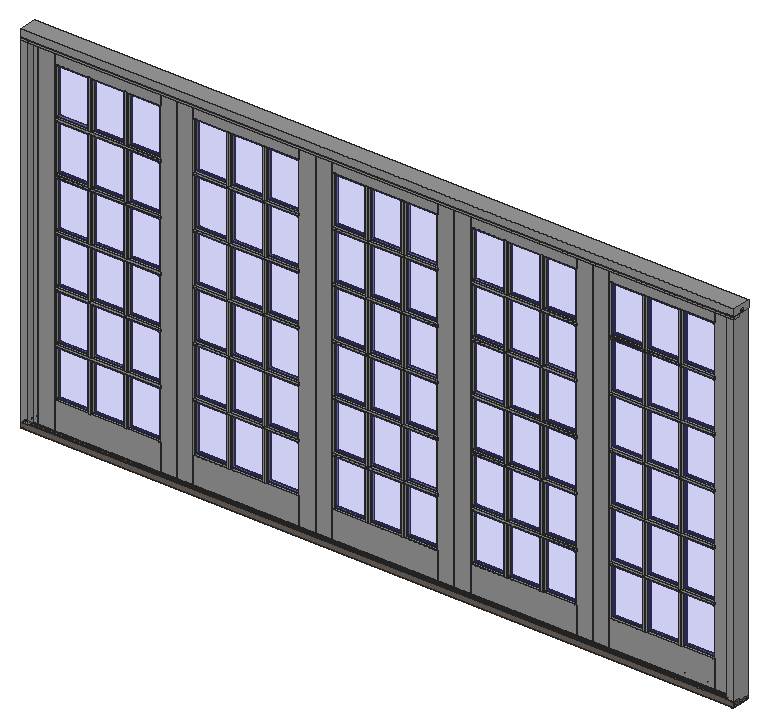
Revit family "VSFA 4190 SP LH", category Doors, host Wall, Revit 2015 (continued)
Forms (mm)
  Sweep 62, solid, material "Lauan, Meranti"
    profile origin (15.49, -75, 1959) x (0, 0, -1) y (0, -1, 0)
      loop
        line (7, -80) -> (9, -80) -> (9, -78)
  Sweep 63, solid, material "Lauan, Meranti"
    path origin (241.932, -75, 232.716) x (-1, 0, 0) y (0, 0, -1)
      loop
        line (338.612, -1726.284) -> (536.952, -1726.284) -> (536.952, -1442.272) -> (338.612, -1442.272) -> (338.612, -1726.284)
    profile origin (-195.85, -75, 1959) x (0, 0, -1) y (0, -1, 0)
      loop
        line (9, -78) -> (0, -78) -> (0, -86)
        arc (0, -86) -> (4.67, -84.366) -> (7, -80) r 6.807
        line (7, -80) -> (9, -80) -> (9, -78)
  Extrusion 64, solid, material "Lauan, Meranti"
    sketch origin (712, 0, 1187.988) x (-1, 0, 0) y (0, -1, 0)
      loop
        line (597.34, 15.5) -> (584.34, 15.5) -> (584.34, 13.5)
        arc (584.34, 13.5) -> (579.67, 11.866) -> (577.34, 7.5) r 6.807
        line (577.34, 7.5) -> (575.34, 7.5) -> (575.34, 5.5) -> (584.34, 5.5) -> (584.34, -24.5) -> (597.34, -24.5) -> (597.34, 5.5) -> (606.34, 5.5) -> (606.34, 7.5) -> (604.34, 7.5)
        arc (604.34, 7.5) -> (602.01, 11.866) -> (597.34, 13.5) r 6.807
        line (597.34, 13.5) -> (597.34, 15.5)
      loop
        line (808.68, 15.5) -> (795.68, 15.5) -> (795.68, 13.5)
        arc (795.68, 13.5) -> (791.01, 11.866) -> (788.68, 7.5) r 6.807
        line (788.68, 7.5) -> (786.68, 7.5) -> (786.68, 5.5) -> (795.68, 5.5) -> (795.68, -24.5) -> (808.68, -24.5) -> (808.68, 5.5) -> (817.68, 5.5) -> (817.68, 7.5) -> (815.68, 7.5)
        arc (815.68, 7.5) -> (813.35, 11.866) -> (808.68, 13.5) r 6.807
        line (808.68, 13.5) -> (808.68, 15.5)
    from 190 to 474
  Sweep 65, solid, material "Lauan, Meranti"
    path origin (664.612, -75, -64.284) x (-1, 0, 0) y (0, 0, -1)
      loop
        line (338.612, -1726.284) -> (536.952, -1726.284) -> (536.952, -1442.272) -> (338.612, -1442.272) -> (338.612, -1726.284)
    profile origin (226.83, -75, 1662) x (0, 0, -1) y (0, -1, 0)
      loop
        line (9, -78) -> (0, -78) -> (0, -86)
        arc (0, -86) -> (4.67, -84.366) -> (7, -80) r 6.807
        line (7, -80) -> (9, -80) -> (9, -78)
  Sweep 66, solid, material "Lauan, Meranti"
    path origin (453.272, -75, -64.284) x (-1, 0, 0) y (0, 0, -1)
      loop
        line (338.612, -1726.284) -> (536.952, -1726.284) -> (536.952, -1442.272) -> (338.612, -1442.272) -> (338.612, -1726.284)
    profile origin (15.49, -75, 1662) x (0, 0, -1) y (0, -1, 0)
      loop
        line (9, -78) -> (0, -78) -> (0, -86)
        arc (0, -86) -> (4.67, -84.366) -> (7, -80) r 6.807
        line (7, -80) -> (9, -80) -> (9, -78)
  Sweep 67, solid, material "Lauan, Meranti"
    path origin (241.932, -75, -64.284) x (-1, 0, 0) y (0, 0, -1)
      loop
        line (338.612, -1726.284) -> (536.952, -1726.284) -> (536.952, -1442.272) -> (338.612, -1442.272) -> (338.612, -1726.284)
    profile origin (-195.85, -75, 1662) x (0, 0, -1) y (0, -1, 0)
      loop
        line (9, -78) -> (0, -78) -> (0, -86)
        arc (0, -86) -> (4.67, -84.366) -> (7, -80) r 6.807
        line (7, -80) -> (9, -80) -> (9, -78)
  Extrusion 68, solid, material "Lauan, Meranti"
    sketch origin (712, 0, 890.988) x (-1, 0, 0) y (0, -1, 0)
      loop
        line (597.34, 15.5) -> (584.34, 15.5) -> (584.34, 13.5)
        arc (584.34, 13.5) -> (579.67, 11.866) -> (577.34, 7.5) r 6.807
        line (577.34, 7.5) -> (575.34, 7.5) -> (575.34, 5.5) -> (584.34, 5.5) -> (584.34, -24.5) -> (597.34, -24.5) -> (597.34, 5.5) -> (606.34, 5.5) -> (606.34, 7.5) -> (604.34, 7.5)
        arc (604.34, 7.5) -> (602.01, 11.866) -> (597.34, 13.5) r 6.807
        line (597.34, 13.5) -> (597.34, 15.5)
      loop
        line (808.68, 15.5) -> (795.68, 15.5) -> (795.68, 13.5)
        arc (795.68, 13.5) -> (791.01, 11.866) -> (788.68, 7.5) r 6.807
        line (788.68, 7.5) -> (786.68, 7.5) -> (786.68, 5.5) -> (795.68, 5.5) -> (795.68, -24.5) -> (808.68, -24.5) -> (808.68, 5.5) -> (817.68, 5.5) -> (817.68, 7.5) -> (815.68, 7.5)
        arc (815.68, 7.5) -> (813.35, 11.866) -> (808.68, 13.5) r 6.807
        line (808.68, 13.5) -> (808.68, 15.5)
    from 190 to 474
  Sweep 69, solid, material "Lauan, Meranti"
    path origin (664.612, -75, -361.284) x (-1, 0, 0) y (0, 0, -1)
      loop
        line (338.612, -1726.284) -> (536.952, -1726.284) -> (536.952, -1442.272) -> (338.612, -1442.272) -> (338.612, -1726.284)
    profile origin (226.83, -75, 1365) x (0, 0, -1) y (0, -1, 0)
      loop
        line (9, -78) -> (0, -78) -> (0, -86)
        arc (0, -86) -> (4.67, -84.366) -> (7, -80) r 6.807
        line (7, -80) -> (9, -80) -> (9, -78)
  Sweep 70, solid, material "Lauan, Meranti"
    path origin (453.272, -75, -361.284) x (-1, 0, 0) y (0, 0, -1)
      loop
        line (338.612, -1726.284) -> (536.952, -1726.284) -> (536.952, -1442.272) -> (338.612, -1442.272) -> (338.612, -1726.284)
    profile origin (15.49, -75, 1365) x (0, 0, -1) y (0, -1, 0)
      loop
        line (9, -78) -> (0, -78) -> (0, -86)
        arc (0, -86) -> (4.67, -84.366) -> (7, -80) r 6.807
        line (7, -80) -> (9, -80) -> (9, -78)
  Sweep 71, solid, material "Lauan, Meranti"
    path origin (241.932, -75, -361.284) x (-1, 0, 0) y (0, 0, -1)
      loop
        line (338.612, -1726.284) -> (536.952, -1726.284) -> (536.952, -1442.272) -> (338.612, -1442.272) -> (338.612, -1726.284)
    profile origin (-195.85, -75, 1365) x (0, 0, -1) y (0, -1, 0)
      loop
        line (9, -78) -> (0, -78) -> (0, -86)
        arc (0, -86) -> (4.67, -84.366) -> (7, -80) r 6.807
        line (7, -80) -> (9, -80) -> (9, -78)
  Extrusion 72, solid, material "Lauan, Meranti"
    sketch origin (712, 0, 593.988) x (-1, 0, 0) y (0, -1, 0)
      loop
        line (597.34, 15.5) -> (584.34, 15.5) -> (584.34, 13.5)
        arc (584.34, 13.5) -> (579.67, 11.866) -> (577.34, 7.5) r 6.807
        line (577.34, 7.5) -> (575.34, 7.5) -> (575.34, 5.5) -> (584.34, 5.5) -> (584.34, -24.5) -> (597.34, -24.5) -> (597.34, 5.5) -> (606.34, 5.5) -> (606.34, 7.5) -> (604.34, 7.5)
        arc (604.34, 7.5) -> (602.01, 11.866) -> (597.34, 13.5) r 6.807
        line (597.34, 13.5) -> (597.34, 15.5)
      loop
        line (808.68, 15.5) -> (795.68, 15.5) -> (795.68, 13.5)
        arc (795.68, 13.5) -> (791.01, 11.866) -> (788.68, 7.5) r 6.807
        line (788.68, 7.5) -> (786.68, 7.5) -> (786.68, 5.5) -> (795.68, 5.5) -> (795.68, -24.5) -> (808.68, -24.5) -> (808.68, 5.5) -> (817.68, 5.5) -> (817.68, 7.5) -> (815.68, 7.5)
        arc (815.68, 7.5) -> (813.35, 11.866) -> (808.68, 13.5) r 6.807
        line (808.68, 13.5) -> (808.68, 15.5)
    from 190 to 474
  Sweep 73, solid, material "Lauan, Meranti"
    path origin (664.612, -75, -658.284) x (-1, 0, 0) y (0, 0, -1)
      loop
        line (338.612, -1726.284) -> (536.952, -1726.284) -> (536.952, -1442.272) -> (338.612, -1442.272) -> (338.612, -1726.284)
    profile origin (226.83, -75, 1068) x (0, 0, -1) y (0, -1, 0)
      loop
        line (9, -78) -> (0, -78) -> (0, -86)
        arc (0, -86) -> (4.67, -84.366) -> (7, -80) r 6.807
        line (7, -80) -> (9, -80) -> (9, -78)
  Sweep 74, solid, material "Lauan, Meranti"
    path origin (453.272, -75, -658.284) x (-1, 0, 0) y (0, 0, -1)
      loop
        line (338.612, -1726.284) -> (536.952, -1726.284) -> (536.952, -1442.272) -> (338.612, -1442.272) -> (338.612, -1726.284)
    profile origin (15.49, -75, 1068) x (0, 0, -1) y (0, -1, 0)
      loop
        line (9, -78) -> (0, -78) -> (0, -86)
        arc (0, -86) -> (4.67, -84.366) -> (7, -80) r 6.807
        line (7, -80) -> (9, -80) -> (9, -78)
  Sweep 75, solid, material "Lauan, Meranti"
    path origin (241.932, -75, -658.284) x (-1, 0, 0) y (0, 0, -1)
      loop
        line (338.612, -1726.284) -> (536.952, -1726.284) -> (536.952, -1442.272) -> (338.612, -1442.272) -> (338.612, -1726.284)
    profile origin (-195.85, -75, 1068) x (0, 0, -1) y (0, -1, 0)
      loop
        line (9, -78) -> (0, -78) -> (0, -86)
        arc (0, -86) -> (4.67, -84.366) -> (7, -80) r 6.807
        line (7, -80) -> (9, -80) -> (9, -78)
  Extrusion 76, solid, material "Lauan, Meranti"
    sketch origin (712, 0, 296.988) x (-1, 0, 0) y (0, -1, 0)
      loop
        line (597.34, 15.5) -> (584.34, 15.5) -> (584.34, 13.5)
        arc (584.34, 13.5) -> (579.67, 11.866) -> (577.34, 7.5) r 6.807
        line (577.34, 7.5) -> (575.34, 7.5) -> (575.34, 5.5) -> (584.34, 5.5) -> (584.34, -24.5) -> (597.34, -24.5) -> (597.34, 5.5) -> (606.34, 5.5) -> (606.34, 7.5) -> (604.34, 7.5)
        arc (604.34, 7.5) -> (602.01, 11.866) -> (597.34, 13.5) r 6.807
        line (597.34, 13.5) -> (597.34, 15.5)
      loop
        line (808.68, 15.5) -> (795.68, 15.5) -> (795.68, 13.5)
        arc (795.68, 13.5) -> (791.01, 11.866) -> (788.68, 7.5) r 6.807
        line (788.68, 7.5) -> (786.68, 7.5) -> (786.68, 5.5) -> (795.68, 5.5) -> (795.68, -24.5) -> (808.68, -24.5) -> (808.68, 5.5) -> (817.68, 5.5) -> (817.68, 7.5) -> (815.68, 7.5)
        arc (815.68, 7.5) -> (813.35, 11.866) -> (808.68, 13.5) r 6.807
        line (808.68, 13.5) -> (808.68, 15.5)
    from 190 to 474
  Sweep 77, solid, material "Lauan, Meranti"
    path origin (664.612, -75, -955.284) x (-1, 0, 0) y (0, 0, -1)
      loop
        line (338.612, -1726.284) -> (536.952, -1726.284) -> (536.952, -1442.272) -> (338.612, -1442.272) -> (338.612, -1726.284)
    profile origin (226.83, -75, 771) x (0, 0, -1) y (0, -1, 0)
      loop
        line (9, -78) -> (0, -78) -> (0, -86)
        arc (0, -86) -> (4.67, -84.366) -> (7, -80) r 6.807
        line (7, -80) -> (9, -80) -> (9, -78)
  Sweep 78, solid, material "Lauan, Meranti"
    path origin (453.272, -75, -955.284) x (-1, 0, 0) y (0, 0, -1)
      loop
        line (338.612, -1726.284) -> (536.952, -1726.284) -> (536.952, -1442.272) -> (338.612, -1442.272) -> (338.612, -1726.284)
    profile origin (15.49, -75, 771) x (0, 0, -1) y (0, -1, 0)
      loop
        line (9, -78) -> (0, -78) -> (0, -86)
        arc (0, -86) -> (4.67, -84.366) -> (7, -80) r 6.807
        line (7, -80) -> (9, -80) -> (9, -78)
  Sweep 79, solid, material "Lauan, Meranti"
    path origin (241.932, -75, -955.284) x (-1, 0, 0) y (0, 0, -1)
      loop
        line (338.612, -1726.284) -> (536.952, -1726.284) -> (536.952, -1442.272) -> (338.612, -1442.272) -> (338.612, -1726.284)
    profile origin (-195.85, -75, 771) x (0, 0, -1) y (0, -1, 0)
      loop
        line (9, -78) -> (0, -78) -> (0, -86)
        arc (0, -86) -> (4.67, -84.366) -> (7, -80) r 6.807
        line (7, -80) -> (9, -80) -> (9, -78)
  Extrusion 80, solid, material "Lauan, Meranti"
    sketch origin (970.765, 0, 0) x (0, 1, 0) y (0, 0, -1)
      loop
        line (-15.5, -190) -> (-13.5, -190)
        arc (-13.5, -190) -> (-11.866, -194.67) -> (-7.5, -197) r 6.807
        line (-7.5, -197) -> (-7.5, -199) -> (-5.5, -199) -> (-5.5, -190) -> (24.5, -190) -> (24.5, -19) -> (-15.5, -19) -> (-15.5, -190)
      loop
        arc (-7.5, -1952) -> (-11.866, -1954.33) -> (-13.5, -1959) r 6.807
        line (-13.5, -1959) -> (-15.5, -1959) -> (-15.5, -2055) -> (24.5, -2055) -> (24.5, -1959) -> (-5.5, -1959) -> (-5.5, -1950) -> (-7.5, -1950) -> (-7.5, -1952)
      loop
        line (-15.5, -1675) -> (-13.5, -1675)
        arc (-13.5, -1675) -> (-11.866, -1679.67) -> (-7.5, -1682) r 6.807
        line (-7.5, -1682) -> (-7.5, -1684) -> (-5.5, -1684) -> (-5.5, -1675) -> (24.5, -1675) -> (24.5, -1662) -> (-5.5, -1662) -> (-5.5, -1653) -> (-7.5, -1653) -> (-7.5, -1655)
        arc (-7.5, -1655) -> (-11.866, -1657.33) -> (-13.5, -1662) r 6.807
        line (-13.5, -1662) -> (-15.5, -1662) -> (-15.5, -1675)
      loop
        line (-15.5, -1378) -> (-13.5, -1378)
        arc (-13.5, -1378) -> (-11.866, -1382.67) -> (-7.5, -1385) r 6.807
        line (-7.5, -1385) -> (-7.5, -1387) -> (-5.5, -1387) -> (-5.5, -1378) -> (24.5, -1378) -> (24.5, -1365) -> (-5.5, -1365) -> (-5.5, -1356) -> (-7.5, -1356) -> (-7.5, -1358)
        arc (-7.5, -1358) -> (-11.866, -1360.33) -> (-13.5, -1365) r 6.807
        line (-13.5, -1365) -> (-15.5, -1365) -> (-15.5, -1378)
      loop
        line (-15.5, -1081) -> (-13.5, -1081)
        arc (-13.5, -1081) -> (-11.866, -1085.67) -> (-7.5, -1088) r 6.807
        line (-7.5, -1088) -> (-7.5, -1090) -> (-5.5, -1090) -> (-5.5, -1081) -> (24.5, -1081) -> (24.5, -1068) -> (-5.5, -1068) -> (-5.5, -1059) -> (-7.5, -1059) -> (-7.5, -1061)
        arc (-7.5, -1061) -> (-11.866, -1063.33) -> (-13.5, -1068) r 6.807
        line (-13.5, -1068) -> (-15.5, -1068) -> (-15.5, -1081)
      loop
        line (-15.5, -784) -> (-13.5, -784)
        arc (-13.5, -784) -> (-11.866, -788.67) -> (-7.5, -791) r 6.807
        line (-7.5, -791) -> (-7.5, -793) -> (-5.5, -793) -> (-5.5, -784) -> (24.5, -784) -> (24.5, -771) -> (-5.5, -771) -> (-5.5, -762) -> (-7.5, -762) -> (-7.5, -764)
        arc (-7.5, -764) -> (-11.866, -766.33) -> (-13.5, -771) r 6.807
        line (-13.5, -771) -> (-15.5, -771) -> (-15.5, -784)
      loop
        line (-15.5, -487) -> (-13.5, -487)
        arc (-13.5, -487) -> (-11.866, -491.67) -> (-7.5, -494) r 6.807
        line (-7.5, -494) -> (-7.5, -496) -> (-5.5, -496) -> (-5.5, -487) -> (24.5, -487) -> (24.5, -474) -> (-5.5, -474) -> (-5.5, -465) -> (-7.5, -465) -> (-7.5, -467)
        arc (-7.5, -467) -> (-11.866, -469.33) -> (-13.5, -474) r 6.807
        line (-13.5, -474) -> (-15.5, -474) -> (-15.5, -487)
    from -169.235 to 451.765
  Extrusion 81, solid, material "Glass"
    sketch origin (994.192, -110.55, -763.769) x (-1, 0, 0) y (0, 0, -1)
      loop
        line (-145.808, -2722.769) -> (52.532, -2722.769) -> (52.532, -2438.757) -> (-145.808, -2438.757) -> (-145.808, -2722.769)
      loop
        line (65.532, -2722.769) -> (263.872, -2722.769) -> (263.872, -2438.757) -> (65.532, -2438.757) -> (65.532, -2722.769)
      loop
        line (276.872, -2722.769) -> (475.212, -2722.769) -> (475.212, -2438.757) -> (276.872, -2438.757) -> (276.872, -2722.769)
      loop
        line (-145.808, -2425.769) -> (52.532, -2425.769) -> (52.532, -2141.757) -> (-145.808, -2141.757) -> (-145.808, -2425.769)
      loop
        line (65.532, -2425.769) -> (263.872, -2425.769) -> (263.872, -2141.757) -> (65.532, -2141.757) -> (65.532, -2425.769)
      loop
        line (276.872, -2425.769) -> (475.212, -2425.769) -> (475.212, -2141.757) -> (276.872, -2141.757) -> (276.872, -2425.769)
      loop
        line (-145.808, -2128.769) -> (52.532, -2128.769) -> (52.532, -1844.757) -> (-145.808, -1844.757) -> (-145.808, -2128.769)
      loop
        line (65.532, -2128.769) -> (263.872, -2128.769) -> (263.872, -1844.757) -> (65.532, -1844.757) -> (65.532, -2128.769)
      loop
        line (276.872, -2128.769) -> (475.212, -2128.769) -> (475.212, -1844.757) -> (276.872, -1844.757) -> (276.872, -2128.769)
      loop
        line (-145.808, -1831.769) -> (52.532, -1831.769) -> (52.532, -1547.757) -> (-145.808, -1547.757) -> (-145.808, -1831.769)
      loop
        line (65.532, -1831.769) -> (263.872, -1831.769) -> (263.872, -1547.757) -> (65.532, -1547.757) -> (65.532, -1831.769)
      loop
        line (276.872, -1831.769) -> (475.212, -1831.769) -> (475.212, -1547.757) -> (276.872, -1547.757) -> (276.872, -1831.769)
      loop
        line (-145.808, -1534.769) -> (52.532, -1534.769) -> (52.532, -1250.757) -> (-145.808, -1250.757) -> (-145.808, -1534.769)
      loop
        line (65.532, -1534.769) -> (263.872, -1534.769) -> (263.872, -1250.757) -> (65.532, -1250.757) -> (65.532, -1534.769)
      loop
        line (276.872, -1534.769) -> (475.212, -1534.769) -> (475.212, -1250.757) -> (276.872, -1250.757) -> (276.872, -1534.769)
      loop
        line (-145.808, -1237.769) -> (52.532, -1237.769) -> (52.532, -953.757) -> (-145.808, -953.757) -> (-145.808, -1237.769)
      loop
        line (65.532, -1237.769) -> (263.872, -1237.769) -> (263.872, -953.757) -> (65.532, -953.757) -> (65.532, -1237.769)
      loop
        line (276.872, -1237.769) -> (475.212, -1237.769) -> (475.212, -953.757) -> (276.872, -953.757) -> (276.872, -1237.769)
    from -112.5 to -106.1
  Extrusion 82, solid, material "Lauan, Meranti"
    sketch origin (1526, 0, 1484.988) x (-1, 0, 0) y (0, -1, 0)
      loop
        line (597.34, 15.5) -> (584.34, 15.5) -> (584.34, 13.5)
        arc (584.34, 13.5) -> (579.67, 11.866) -> (577.34, 7.5) r 6.807
        line (577.34, 7.5) -> (575.34, 7.5) -> (575.34, 5.5) -> (584.34, 5.5) -> (584.34, -24.5) -> (597.34, -24.5) -> (597.34, 5.5) -> (606.34, 5.5) -> (606.34, 7.5) -> (604.34, 7.5)
        arc (604.34, 7.5) -> (602.01, 11.866) -> (597.34, 13.5) r 6.807
        line (597.34, 13.5) -> (597.34, 15.5)
      loop
        line (808.68, 15.5) -> (795.68, 15.5) -> (795.68, 13.5)
        arc (795.68, 13.5) -> (791.01, 11.866) -> (788.68, 7.5) r 6.807
        line (788.68, 7.5) -> (786.68, 7.5) -> (786.68, 5.5) -> (795.68, 5.5) -> (795.68, -24.5) -> (808.68, -24.5) -> (808.68, 5.5) -> (817.68, 5.5) -> (817.68, 7.5) -> (815.68, 7.5)
        arc (815.68, 7.5) -> (813.35, 11.866) -> (808.68, 13.5) r 6.807
        line (808.68, 13.5) -> (808.68, 15.5)
    from 190 to 474
  Sweep 83, solid, material "Lauan, Meranti"
    path origin (1478.612, -75, 232.716) x (-1, 0, 0) y (0, 0, -1)
      loop
        line (338.612, -1726.284) -> (536.952, -1726.284) -> (536.952, -1442.272) -> (338.612, -1442.272) -> (338.612, -1726.284)
    profile origin (1040.83, -75, 1959) x (0, 0, -1) y (0, -1, 0)
      loop
        line (9, -78) -> (0, -78) -> (0, -86)
        arc (0, -86) -> (4.67, -84.366) -> (7, -80) r 6.807
        line (7, -80) -> (9, -80) -> (9, -78)
  Sweep 84, solid, material "Lauan, Meranti"
    path origin (1267.272, -75, 232.716) x (-1, 0, 0) y (0, 0, -1)
      loop
        line (338.612, -1726.284) -> (536.952, -1726.284) -> (536.952, -1442.272) -> (338.612, -1442.272) -> (338.612, -1726.284)
    profile origin (829.49, -75, 1959) x (0, 0, -1) y (0, -1, 0)
      loop
        line (9, -78) -> (0, -78) -> (0, -86)
        arc (0, -86) -> (4.67, -84.366) -> (7, -80) r 6.807
        line (7, -80) -> (9, -80) -> (9, -78)
  Sweep 85, solid, material "Lauan, Meranti"
    path origin (1055.932, -75, 232.716) x (-1, 0, 0) y (0, 0, -1)
      loop
        line (338.612, -1726.284) -> (536.952, -1726.284) -> (536.952, -1442.272) -> (338.612, -1442.272) -> (338.612, -1726.284)
    profile origin (618.15, -75, 1959) x (0, 0, -1) y (0, -1, 0)
      loop
        line (9, -78) -> (0, -78) -> (0, -86)
        arc (0, -86) -> (4.67, -84.366) -> (7, -80) r 6.807
        line (7, -80) -> (9, -80) -> (9, -78)
  Extrusion 86, solid, material "Lauan, Meranti"
    sketch origin (1526, 0, 1187.988) x (-1, 0, 0) y (0, -1, 0)
      loop
        line (597.34, 15.5) -> (584.34, 15.5) -> (584.34, 13.5)
        arc (584.34, 13.5) -> (579.67, 11.866) -> (577.34, 7.5) r 6.807
        line (577.34, 7.5) -> (575.34, 7.5) -> (575.34, 5.5) -> (584.34, 5.5) -> (584.34, -24.5) -> (597.34, -24.5) -> (597.34, 5.5) -> (606.34, 5.5) -> (606.34, 7.5) -> (604.34, 7.5)
        arc (604.34, 7.5) -> (602.01, 11.866) -> (597.34, 13.5) r 6.807
        line (597.34, 13.5) -> (597.34, 15.5)
      loop
        line (808.68, 15.5) -> (795.68, 15.5) -> (795.68, 13.5)
        arc (795.68, 13.5) -> (791.01, 11.866) -> (788.68, 7.5) r 6.807
        line (788.68, 7.5) -> (786.68, 7.5) -> (786.68, 5.5) -> (795.68, 5.5) -> (795.68, -24.5) -> (808.68, -24.5) -> (808.68, 5.5) -> (817.68, 5.5) -> (817.68, 7.5) -> (815.68, 7.5)
        arc (815.68, 7.5) -> (813.35, 11.866) -> (808.68, 13.5) r 6.807
        line (808.68, 13.5) -> (808.68, 15.5)
    from 190 to 474
  Sweep 87, solid, material "Lauan, Meranti"
    path origin (1478.612, -75, -64.284) x (-1, 0, 0) y (0, 0, -1)
      loop
        line (338.612, -1726.284) -> (536.952, -1726.284) -> (536.952, -1442.272) -> (338.612, -1442.272) -> (338.612, -1726.284)
    profile origin (1040.83, -75, 1662) x (0, 0, -1) y (0, -1, 0)
      loop
        line (9, -78) -> (0, -78) -> (0, -86)
        arc (0, -86) -> (4.67, -84.366) -> (7, -80) r 6.807
        line (7, -80) -> (9, -80) -> (9, -78)
  Sweep 88, solid, material "Lauan, Meranti"
    path origin (1267.272, -75, -64.284) x (-1, 0, 0) y (0, 0, -1)
      loop
        line (338.612, -1726.284) -> (536.952, -1726.284) -> (536.952, -1442.272) -> (338.612, -1442.272) -> (338.612, -1726.284)
    profile origin (829.49, -75, 1662) x (0, 0, -1) y (0, -1, 0)
      loop
        line (9, -78) -> (0, -78) -> (0, -86)
        arc (0, -86) -> (4.67, -84.366) -> (7, -80) r 6.807
        line (7, -80) -> (9, -80) -> (9, -78)
  Sweep 89, solid, material "Lauan, Meranti"
    path origin (1055.932, -75, -64.284) x (-1, 0, 0) y (0, 0, -1)
      loop
        line (338.612, -1726.284) -> (536.952, -1726.284) -> (536.952, -1442.272) -> (338.612, -1442.272) -> (338.612, -1726.284)
    profile origin (618.15, -75, 1662) x (0, 0, -1) y (0, -1, 0)
      loop
        line (9, -78) -> (0, -78) -> (0, -86)
        arc (0, -86) -> (4.67, -84.366) -> (7, -80) r 6.807
        line (7, -80) -> (9, -80) -> (9, -78)
  Extrusion 90, solid, material "Lauan, Meranti"
    sketch origin (1526, 0, 890.988) x (-1, 0, 0) y (0, -1, 0)
      loop
        line (597.34, 15.5) -> (584.34, 15.5) -> (584.34, 13.5)
        arc (584.34, 13.5) -> (579.67, 11.866) -> (577.34, 7.5) r 6.807
        line (577.34, 7.5) -> (575.34, 7.5) -> (575.34, 5.5) -> (584.34, 5.5) -> (584.34, -24.5) -> (597.34, -24.5) -> (597.34, 5.5) -> (606.34, 5.5) -> (606.34, 7.5) -> (604.34, 7.5)
        arc (604.34, 7.5) -> (602.01, 11.866) -> (597.34, 13.5) r 6.807
        line (597.34, 13.5) -> (597.34, 15.5)
      loop
        line (808.68, 15.5) -> (795.68, 15.5) -> (795.68, 13.5)
        arc (795.68, 13.5) -> (791.01, 11.866) -> (788.68, 7.5) r 6.807
        line (788.68, 7.5) -> (786.68, 7.5) -> (786.68, 5.5) -> (795.68, 5.5) -> (795.68, -24.5) -> (808.68, -24.5) -> (808.68, 5.5) -> (817.68, 5.5) -> (817.68, 7.5) -> (815.68, 7.5)
        arc (815.68, 7.5) -> (813.35, 11.866) -> (808.68, 13.5) r 6.807
        line (808.68, 13.5) -> (808.68, 15.5)
    from 190 to 474
  Sweep 91, solid, material "Lauan, Meranti"
    path origin (1478.612, -75, -361.284) x (-1, 0, 0) y (0, 0, -1)
      loop
        line (338.612, -1726.284) -> (536.952, -1726.284) -> (536.952, -1442.272) -> (338.612, -1442.272) -> (338.612, -1726.284)
    profile origin (1040.83, -75, 1365) x (0, 0, -1) y (0, -1, 0)
      loop
        line (9, -78) -> (0, -78) -> (0, -86)
        arc (0, -86) -> (4.67, -84.366) -> (7, -80) r 6.807
        line (7, -80) -> (9, -80) -> (9, -78)
  Sweep 92, solid, material "Lauan, Meranti"
    path origin (1267.272, -75, -361.284) x (-1, 0, 0) y (0, 0, -1)
      loop
        line (338.612, -1726.284) -> (536.952, -1726.284) -> (536.952, -1442.272) -> (338.612, -1442.272) -> (338.612, -1726.284)
    profile origin (829.49, -75, 1365) x (0, 0, -1) y (0, -1, 0)
      loop
        line (9, -78) -> (0, -78) -> (0, -86)
        arc (0, -86) -> (4.67, -84.366) -> (7, -80) r 6.807
        line (7, -80) -> (9, -80) -> (9, -78)
  Sweep 93, solid, material "Lauan, Meranti"
    path origin (1055.932, -75, -361.284) x (-1, 0, 0) y (0, 0, -1)
      loop
        line (338.612, -1726.284) -> (536.952, -1726.284) -> (536.952, -1442.272) -> (338.612, -1442.272) -> (338.612, -1726.284)
    profile origin (618.15, -75, 1365) x (0, 0, -1) y (0, -1, 0)
      loop
        line (9, -78) -> (0, -78) -> (0, -86)
        arc (0, -86) -> (4.67, -84.366) -> (7, -80) r 6.807
        line (7, -80) -> (9, -80) -> (9, -78)
  Extrusion 94, solid, material "Lauan, Meranti"
    sketch origin (1526, 0, 593.988) x (-1, 0, 0) y (0, -1, 0)
      loop
        line (597.34, 15.5) -> (584.34, 15.5) -> (584.34, 13.5)
        arc (584.34, 13.5) -> (579.67, 11.866) -> (577.34, 7.5) r 6.807
        line (577.34, 7.5) -> (575.34, 7.5) -> (575.34, 5.5) -> (584.34, 5.5) -> (584.34, -24.5) -> (597.34, -24.5) -> (597.34, 5.5) -> (606.34, 5.5) -> (606.34, 7.5) -> (604.34, 7.5)
        arc (604.34, 7.5) -> (602.01, 11.866) -> (597.34, 13.5) r 6.807
        line (597.34, 13.5) -> (597.34, 15.5)
      loop
        line (808.68, 15.5) -> (795.68, 15.5) -> (795.68, 13.5)
        arc (795.68, 13.5) -> (791.01, 11.866) -> (788.68, 7.5) r 6.807
        line (788.68, 7.5) -> (786.68, 7.5) -> (786.68, 5.5) -> (795.68, 5.5) -> (795.68, -24.5) -> (808.68, -24.5) -> (808.68, 5.5) -> (817.68, 5.5) -> (817.68, 7.5) -> (815.68, 7.5)
        arc (815.68, 7.5) -> (813.35, 11.866) -> (808.68, 13.5) r 6.807
        line (808.68, 13.5) -> (808.68, 15.5)
    from 190 to 474
  Sweep 95, solid, material "Lauan, Meranti"
    path origin (1478.612, -75, -658.284) x (-1, 0, 0) y (0, 0, -1)
      loop
        line (338.612, -1726.284) -> (536.952, -1726.284) -> (536.952, -1442.272) -> (338.612, -1442.272) -> (338.612, -1726.284)
    profile origin (1040.83, -75, 1068) x (0, 0, -1) y (0, -1, 0)
      loop
        line (9, -78) -> (0, -78) -> (0, -86)
        arc (0, -86) -> (4.67, -84.366) -> (7, -80) r 6.807
        line (7, -80) -> (9, -80) -> (9, -78)
  Sweep 96, solid, material "Lauan, Meranti"
    path origin (1267.272, -75, -658.284) x (-1, 0, 0) y (0, 0, -1)
      loop
        line (338.612, -1726.284) -> (536.952, -1726.284) -> (536.952, -1442.272) -> (338.612, -1442.272) -> (338.612, -1726.284)
    profile origin (829.49, -75, 1068) x (0, 0, -1) y (0, -1, 0)
      loop
        line (9, -78) -> (0, -78) -> (0, -86)
        arc (0, -86) -> (4.67, -84.366) -> (7, -80) r 6.807
        line (7, -80) -> (9, -80) -> (9, -78)
  Sweep 97, solid, material "Lauan, Meranti"
    path origin (1055.932, -75, -658.284) x (-1, 0, 0) y (0, 0, -1)
      loop
        line (338.612, -1726.284) -> (536.952, -1726.284) -> (536.952, -1442.272) -> (338.612, -1442.272) -> (338.612, -1726.284)
    profile origin (618.15, -75, 1068) x (0, 0, -1) y (0, -1, 0)
      loop
        line (9, -78) -> (0, -78) -> (0, -86)
        arc (0, -86) -> (4.67, -84.366) -> (7, -80) r 6.807
        line (7, -80) -> (9, -80) -> (9, -78)
  Extrusion 98, solid, material "Lauan, Meranti"
    sketch origin (1526, 0, 296.988) x (-1, 0, 0) y (0, -1, 0)
      loop
        line (597.34, 15.5) -> (584.34, 15.5) -> (584.34, 13.5)
        arc (584.34, 13.5) -> (579.67, 11.866) -> (577.34, 7.5) r 6.807
        line (577.34, 7.5) -> (575.34, 7.5) -> (575.34, 5.5) -> (584.34, 5.5) -> (584.34, -24.5) -> (597.34, -24.5) -> (597.34, 5.5) -> (606.34, 5.5) -> (606.34, 7.5) -> (604.34, 7.5)
        arc (604.34, 7.5) -> (602.01, 11.866) -> (597.34, 13.5) r 6.807
        line (597.34, 13.5) -> (597.34, 15.5)
      loop
        line (808.68, 15.5) -> (795.68, 15.5) -> (795.68, 13.5)
        arc (795.68, 13.5) -> (791.01, 11.866) -> (788.68, 7.5) r 6.807
        line (788.68, 7.5) -> (786.68, 7.5) -> (786.68, 5.5) -> (795.68, 5.5) -> (795.68, -24.5) -> (808.68, -24.5) -> (808.68, 5.5) -> (817.68, 5.5) -> (817.68, 7.5) -> (815.68, 7.5)
        arc (815.68, 7.5) -> (813.35, 11.866) -> (808.68, 13.5) r 6.807
        line (808.68, 13.5) -> (808.68, 15.5)
    from 190 to 474
  Sweep 99, solid, material "Lauan, Meranti"
    path origin (1478.612, -75, -955.284) x (-1, 0, 0) y (0, 0, -1)
      loop
        line (338.612, -1726.284) -> (536.952, -1726.284) -> (536.952, -1442.272) -> (338.612, -1442.272) -> (338.612, -1726.284)
    profile origin (1040.83, -75, 771) x (0, 0, -1) y (0, -1, 0)
      loop
        line (9, -78) -> (0, -78) -> (0, -86)
        arc (0, -86) -> (4.67, -84.366) -> (7, -80) r 6.807
        line (7, -80) -> (9, -80) -> (9, -78)
  Sweep 100, solid, material "Lauan, Meranti"
    path origin (1267.272, -75, -955.284) x (-1, 0, 0) y (0, 0, -1)
      loop
        line (338.612, -1726.284) -> (536.952, -1726.284) -> (536.952, -1442.272) -> (338.612, -1442.272) -> (338.612, -1726.284)
    profile origin (829.49, -75, 771) x (0, 0, -1) y (0, -1, 0)
      loop
        line (9, -78) -> (0, -78) -> (0, -86)
        arc (0, -86) -> (4.67, -84.366) -> (7, -80) r 6.807
        line (7, -80) -> (9, -80) -> (9, -78)
  Sweep 101, solid, material "Lauan, Meranti"
    path origin (1055.932, -75, -955.284) x (-1, 0, 0) y (0, 0, -1)
      loop
        line (338.612, -1726.284) -> (536.952, -1726.284) -> (536.952, -1442.272) -> (338.612, -1442.272) -> (338.612, -1726.284)
    profile origin (618.15, -75, 771) x (0, 0, -1) y (0, -1, 0)
      loop
        line (9, -78) -> (0, -78) -> (0, -86)
        arc (0, -86) -> (4.67, -84.366) -> (7, -80) r 6.807
        line (7, -80) -> (9, -80) -> (9, -78)
  Extrusion 102, solid, material "Lauan, Meranti"
    sketch origin (1784.765, 0, 0) x (0, 1, 0) y (0, 0, -1)
      loop
        line (-15.5, -190) -> (-13.5, -190)
        arc (-13.5, -190) -> (-11.866, -194.67) -> (-7.5, -197) r 6.807
        line (-7.5, -197) -> (-7.5, -199) -> (-5.5, -199) -> (-5.5, -190) -> (24.5, -190) -> (24.5, -19) -> (-15.5, -19) -> (-15.5, -190)
      loop
        arc (-7.5, -1952) -> (-11.866, -1954.33) -> (-13.5, -1959) r 6.807
        line (-13.5, -1959) -> (-15.5, -1959) -> (-15.5, -2055) -> (24.5, -2055) -> (24.5, -1959) -> (-5.5, -1959) -> (-5.5, -1950) -> (-7.5, -1950) -> (-7.5, -1952)
      loop
        line (-15.5, -1675) -> (-13.5, -1675)
        arc (-13.5, -1675) -> (-11.866, -1679.67) -> (-7.5, -1682) r 6.807
        line (-7.5, -1682) -> (-7.5, -1684) -> (-5.5, -1684) -> (-5.5, -1675) -> (24.5, -1675) -> (24.5, -1662) -> (-5.5, -1662) -> (-5.5, -1653) -> (-7.5, -1653) -> (-7.5, -1655)
        arc (-7.5, -1655) -> (-11.866, -1657.33) -> (-13.5, -1662) r 6.807
        line (-13.5, -1662) -> (-15.5, -1662) -> (-15.5, -1675)
      loop
        line (-15.5, -1378) -> (-13.5, -1378)
        arc (-13.5, -1378) -> (-11.866, -1382.67) -> (-7.5, -1385) r 6.807
        line (-7.5, -1385) -> (-7.5, -1387) -> (-5.5, -1387) -> (-5.5, -1378) -> (24.5, -1378) -> (24.5, -1365) -> (-5.5, -1365) -> (-5.5, -1356) -> (-7.5, -1356) -> (-7.5, -1358)
        arc (-7.5, -1358) -> (-11.866, -1360.33) -> (-13.5, -1365) r 6.807
        line (-13.5, -1365) -> (-15.5, -1365) -> (-15.5, -1378)
      loop
        line (-15.5, -1081) -> (-13.5, -1081)
        arc (-13.5, -1081) -> (-11.866, -1085.67) -> (-7.5, -1088) r 6.807
        line (-7.5, -1088) -> (-7.5, -1090) -> (-5.5, -1090) -> (-5.5, -1081) -> (24.5, -1081) -> (24.5, -1068) -> (-5.5, -1068) -> (-5.5, -1059) -> (-7.5, -1059) -> (-7.5, -1061)
        arc (-7.5, -1061) -> (-11.866, -1063.33) -> (-13.5, -1068) r 6.807
        line (-13.5, -1068) -> (-15.5, -1068) -> (-15.5, -1081)
      loop
        line (-15.5, -784) -> (-13.5, -784)
        arc (-13.5, -784) -> (-11.866, -788.67) -> (-7.5, -791) r 6.807
        line (-7.5, -791) -> (-7.5, -793) -> (-5.5, -793) -> (-5.5, -784) -> (24.5, -784) -> (24.5, -771) -> (-5.5, -771) -> (-5.5, -762) -> (-7.5, -762) -> (-7.5, -764)
        arc (-7.5, -764) -> (-11.866, -766.33) -> (-13.5, -771) r 6.807
        line (-13.5, -771) -> (-15.5, -771) -> (-15.5, -784)
      loop
        line (-15.5, -487) -> (-13.5, -487)
        arc (-13.5, -487) -> (-11.866, -491.67) -> (-7.5, -494) r 6.807
        line (-7.5, -494) -> (-7.5, -496) -> (-5.5, -496) -> (-5.5, -487) -> (24.5, -487) -> (24.5, -474) -> (-5.5, -474) -> (-5.5, -465) -> (-7.5, -465) -> (-7.5, -467)
        arc (-7.5, -467) -> (-11.866, -469.33) -> (-13.5, -474) r 6.807
        line (-13.5, -474) -> (-15.5, -474) -> (-15.5, -487)
    from -169.235 to 451.765
  Extrusion 103, solid, material "Glass"
    sketch origin (1808.192, -110.55, -763.769) x (-1, 0, 0) y (0, 0, -1)
      loop
        line (-145.808, -2722.769) -> (52.532, -2722.769) -> (52.532, -2438.757) -> (-145.808, -2438.757) -> (-145.808, -2722.769)
      loop
        line (65.532, -2722.769) -> (263.872, -2722.769) -> (263.872, -2438.757) -> (65.532, -2438.757) -> (65.532, -2722.769)
      loop
        line (276.872, -2722.769) -> (475.212, -2722.769) -> (475.212, -2438.757) -> (276.872, -2438.757) -> (276.872, -2722.769)
      loop
        line (-145.808, -2425.769) -> (52.532, -2425.769) -> (52.532, -2141.757) -> (-145.808, -2141.757) -> (-145.808, -2425.769)
      loop
        line (65.532, -2425.769) -> (263.872, -2425.769) -> (263.872, -2141.757) -> (65.532, -2141.757) -> (65.532, -2425.769)
      loop
        line (276.872, -2425.769) -> (475.212, -2425.769) -> (475.212, -2141.757) -> (276.872, -2141.757) -> (276.872, -2425.769)
      loop
        line (-145.808, -2128.769) -> (52.532, -2128.769) -> (52.532, -1844.757) -> (-145.808, -1844.757) -> (-145.808, -2128.769)
      loop
        line (65.532, -2128.769) -> (263.872, -2128.769) -> (263.872, -1844.757) -> (65.532, -1844.757) -> (65.532, -2128.769)
      loop
        line (276.872, -2128.769) -> (475.212, -2128.769) -> (475.212, -1844.757) -> (276.872, -1844.757) -> (276.872, -2128.769)
      loop
        line (-145.808, -1831.769) -> (52.532, -1831.769) -> (52.532, -1547.757) -> (-145.808, -1547.757) -> (-145.808, -1831.769)
      loop
        line (65.532, -1831.769) -> (263.872, -1831.769) -> (263.872, -1547.757) -> (65.532, -1547.757) -> (65.532, -1831.769)
      loop
        line (276.872, -1831.769) -> (475.212, -1831.769) -> (475.212, -1547.757) -> (276.872, -1547.757) -> (276.872, -1831.769)
      loop
        line (-145.808, -1534.769) -> (52.532, -1534.769) -> (52.532, -1250.757) -> (-145.808, -1250.757) -> (-145.808, -1534.769)
      loop
        line (65.532, -1534.769) -> (263.872, -1534.769) -> (263.872, -1250.757) -> (65.532, -1250.757) -> (65.532, -1534.769)
      loop
        line (276.872, -1534.769) -> (475.212, -1534.769) -> (475.212, -1250.757) -> (276.872, -1250.757) -> (276.872, -1534.769)
      loop
        line (-145.808, -1237.769) -> (52.532, -1237.769) -> (52.532, -953.757) -> (-145.808, -953.757) -> (-145.808, -1237.769)
      loop
        line (65.532, -1237.769) -> (263.872, -1237.769) -> (263.872, -953.757) -> (65.532, -953.757) -> (65.532, -1237.769)
      loop
        line (276.872, -1237.769) -> (475.212, -1237.769) -> (475.212, -953.757) -> (276.872, -953.757) -> (276.872, -1237.769)
    from -112.5 to -106.1
  Extrusion 104, solid, material "Lauan, Meranti"
    sketch origin (2340, 0, 1484.988) x (-1, 0, 0) y (0, -1, 0)
      loop
        line (597.34, 15.5) -> (584.34, 15.5) -> (584.34, 13.5)
        arc (584.34, 13.5) -> (579.67, 11.866) -> (577.34, 7.5) r 6.807
        line (577.34, 7.5) -> (575.34, 7.5) -> (575.34, 5.5) -> (584.34, 5.5) -> (584.34, -24.5) -> (597.34, -24.5) -> (597.34, 5.5) -> (606.34, 5.5) -> (606.34, 7.5) -> (604.34, 7.5)
        arc (604.34, 7.5) -> (602.01, 11.866) -> (597.34, 13.5) r 6.807
        line (597.34, 13.5) -> (597.34, 15.5)
      loop
        line (808.68, 15.5) -> (795.68, 15.5) -> (795.68, 13.5)
        arc (795.68, 13.5) -> (791.01, 11.866) -> (788.68, 7.5) r 6.807
        line (788.68, 7.5) -> (786.68, 7.5) -> (786.68, 5.5) -> (795.68, 5.5) -> (795.68, -24.5) -> (808.68, -24.5) -> (808.68, 5.5) -> (817.68, 5.5) -> (817.68, 7.5) -> (815.68, 7.5)
        arc (815.68, 7.5) -> (813.35, 11.866) -> (808.68, 13.5) r 6.807
        line (808.68, 13.5) -> (808.68, 15.5)
    from 190 to 474
  Sweep 105, solid, material "Lauan, Meranti"
    path origin (2292.612, -75, 232.716) x (-1, 0, 0) y (0, 0, -1)
      loop
        line (338.612, -1726.284) -> (536.952, -1726.284) -> (536.952, -1442.272) -> (338.612, -1442.272) -> (338.612, -1726.284)
    profile origin (1854.83, -75, 1959) x (0, 0, -1) y (0, -1, 0)
      loop
        line (9, -78) -> (0, -78) -> (0, -86)
        arc (0, -86) -> (4.67, -84.366) -> (7, -80) r 6.807
        line (7, -80) -> (9, -80) -> (9, -78)
  Sweep 106, solid, material "Lauan, Meranti"
    path origin (2081.272, -75, 232.716) x (-1, 0, 0) y (0, 0, -1)
      loop
        line (338.612, -1726.284) -> (536.952, -1726.284) -> (536.952, -1442.272) -> (338.612, -1442.272) -> (338.612, -1726.284)
    profile origin (1643.49, -75, 1959) x (0, 0, -1) y (0, -1, 0)
      loop
        line (9, -78) -> (0, -78) -> (0, -86)
        arc (0, -86) -> (4.67, -84.366) -> (7, -80) r 6.807
        line (7, -80) -> (9, -80) -> (9, -78)
  Sweep 107, solid, material "Lauan, Meranti"
    path origin (1869.932, -75, 232.716) x (-1, 0, 0) y (0, 0, -1)
      loop
        line (338.612, -1726.284) -> (536.952, -1726.284) -> (536.952, -1442.272) -> (338.612, -1442.272) -> (338.612, -1726.284)
    profile origin (1432.15, -75, 1959) x (0, 0, -1) y (0, -1, 0)
      loop
        line (9, -78) -> (0, -78) -> (0, -86)
        arc (0, -86) -> (4.67, -84.366) -> (7, -80) r 6.807
        line (7, -80) -> (9, -80) -> (9, -78)
  Extrusion 108, solid, material "Lauan, Meranti"
    sketch origin (2340, 0, 1187.988) x (-1, 0, 0) y (0, -1, 0)
      loop
        line (597.34, 15.5) -> (584.34, 15.5) -> (584.34, 13.5)
        arc (584.34, 13.5) -> (579.67, 11.866) -> (577.34, 7.5) r 6.807
        line (577.34, 7.5) -> (575.34, 7.5) -> (575.34, 5.5) -> (584.34, 5.5) -> (584.34, -24.5) -> (597.34, -24.5) -> (597.34, 5.5) -> (606.34, 5.5) -> (606.34, 7.5) -> (604.34, 7.5)
        arc (604.34, 7.5) -> (602.01, 11.866) -> (597.34, 13.5) r 6.807
        line (597.34, 13.5) -> (597.34, 15.5)
      loop
        line (808.68, 15.5) -> (795.68, 15.5) -> (795.68, 13.5)
        arc (795.68, 13.5) -> (791.01, 11.866) -> (788.68, 7.5) r 6.807
        line (788.68, 7.5) -> (786.68, 7.5) -> (786.68, 5.5) -> (795.68, 5.5) -> (795.68, -24.5) -> (808.68, -24.5) -> (808.68, 5.5) -> (817.68, 5.5) -> (817.68, 7.5) -> (815.68, 7.5)
        arc (815.68, 7.5) -> (813.35, 11.866) -> (808.68, 13.5) r 6.807
        line (808.68, 13.5) -> (808.68, 15.5)
    from 190 to 474
  Sweep 109, solid, material "Lauan, Meranti"
    path origin (2292.612, -75, -64.284) x (-1, 0, 0) y (0, 0, -1)
      loop
        line (338.612, -1726.284) -> (536.952, -1726.284) -> (536.952, -1442.272) -> (338.612, -1442.272) -> (338.612, -1726.284)
    profile origin (1854.83, -75, 1662) x (0, 0, -1) y (0, -1, 0)
      loop
        line (9, -78) -> (0, -78) -> (0, -86)
        arc (0, -86) -> (4.67, -84.366) -> (7, -80) r 6.807
        line (7, -80) -> (9, -80) -> (9, -78)
  Sweep 110, solid, material "Lauan, Meranti"
    path origin (2081.272, -75, -64.284) x (-1, 0, 0) y (0, 0, -1)
      loop
        line (338.612, -1726.284) -> (536.952, -1726.284) -> (536.952, -1442.272) -> (338.612, -1442.272) -> (338.612, -1726.284)
    profile origin (1643.49, -75, 1662) x (0, 0, -1) y (0, -1, 0)
      loop
        line (9, -78) -> (0, -78) -> (0, -86)
        arc (0, -86) -> (4.67, -84.366) -> (7, -80) r 6.807
        line (7, -80) -> (9, -80) -> (9, -78)
  Sweep 111, solid, material "Lauan, Meranti"
    path origin (1869.932, -75, -64.284) x (-1, 0, 0) y (0, 0, -1)
      loop
        line (338.612, -1726.284) -> (536.952, -1726.284) -> (536.952, -1442.272) -> (338.612, -1442.272) -> (338.612, -1726.284)
    profile origin (1432.15, -75, 1662) x (0, 0, -1) y (0, -1, 0)
      loop
        line (9, -78) -> (0, -78) -> (0, -86)
        arc (0, -86) -> (4.67, -84.366) -> (7, -80) r 6.807
        line (7, -80) -> (9, -80) -> (9, -78)
  Extrusion 112, solid, material "Lauan, Meranti"
    sketch origin (2340, 0, 890.988) x (-1, 0, 0) y (0, -1, 0)
      loop
        line (597.34, 15.5) -> (584.34, 15.5) -> (584.34, 13.5)
        arc (584.34, 13.5) -> (579.67, 11.866) -> (577.34, 7.5) r 6.807
        line (577.34, 7.5) -> (575.34, 7.5) -> (575.34, 5.5) -> (584.34, 5.5) -> (584.34, -24.5) -> (597.34, -24.5) -> (597.34, 5.5) -> (606.34, 5.5) -> (606.34, 7.5) -> (604.34, 7.5)
        arc (604.34, 7.5) -> (602.01, 11.866) -> (597.34, 13.5) r 6.807
        line (597.34, 13.5) -> (597.34, 15.5)
      loop
        line (808.68, 15.5) -> (795.68, 15.5) -> (795.68, 13.5)
        arc (795.68, 13.5) -> (791.01, 11.866) -> (788.68, 7.5) r 6.807
        line (788.68, 7.5) -> (786.68, 7.5) -> (786.68, 5.5) -> (795.68, 5.5) -> (795.68, -24.5) -> (808.68, -24.5) -> (808.68, 5.5) -> (817.68, 5.5) -> (817.68, 7.5) -> (815.68, 7.5)
        arc (815.68, 7.5) -> (813.35, 11.866) -> (808.68, 13.5) r 6.807
        line (808.68, 13.5) -> (808.68, 15.5)
    from 190 to 474
  Sweep 113, solid, material "Lauan, Meranti"
    path origin (2292.612, -75, -361.284) x (-1, 0, 0) y (0, 0, -1)
      loop
        line (338.612, -1726.284) -> (536.952, -1726.284) -> (536.952, -1442.272) -> (338.612, -1442.272) -> (338.612, -1726.284)
    profile origin (1854.83, -75, 1365) x (0, 0, -1) y (0, -1, 0)
      loop
        line (9, -78) -> (0, -78) -> (0, -86)
        arc (0, -86) -> (4.67, -84.366) -> (7, -80) r 6.807
        line (7, -80) -> (9, -80) -> (9, -78)
  Sweep 114, solid, material "Lauan, Meranti"
    path origin (2081.272, -75, -361.284) x (-1, 0, 0) y (0, 0, -1)
      loop
        line (338.612, -1726.284) -> (536.952, -1726.284) -> (536.952, -1442.272) -> (338.612, -1442.272) -> (338.612, -1726.284)
    profile origin (1643.49, -75, 1365) x (0, 0, -1) y (0, -1, 0)
      loop
        line (9, -78) -> (0, -78) -> (0, -86)
        arc (0, -86) -> (4.67, -84.366) -> (7, -80) r 6.807
        line (7, -80) -> (9, -80) -> (9, -78)
  Sweep 115, solid, material "Lauan, Meranti"
    path origin (1869.932, -75, -361.284) x (-1, 0, 0) y (0, 0, -1)
      loop
        line (338.612, -1726.284) -> (536.952, -1726.284) -> (536.952, -1442.272) -> (338.612, -1442.272) -> (338.612, -1726.284)
    profile origin (1432.15, -75, 1365) x (0, 0, -1) y (0, -1, 0)
      loop
        line (9, -78) -> (0, -78) -> (0, -86)
        arc (0, -86) -> (4.67, -84.366) -> (7, -80) r 6.807
        line (7, -80) -> (9, -80) -> (9, -78)
  Extrusion 116, solid, material "Lauan, Meranti"
    sketch origin (2340, 0, 593.988) x (-1, 0, 0) y (0, -1, 0)
      loop
        line (597.34, 15.5) -> (584.34, 15.5) -> (584.34, 13.5)
        arc (584.34, 13.5) -> (579.67, 11.866) -> (577.34, 7.5) r 6.807
        line (577.34, 7.5) -> (575.34, 7.5) -> (575.34, 5.5) -> (584.34, 5.5) -> (584.34, -24.5) -> (597.34, -24.5) -> (597.34, 5.5) -> (606.34, 5.5) -> (606.34, 7.5) -> (604.34, 7.5)
        arc (604.34, 7.5) -> (602.01, 11.866) -> (597.34, 13.5) r 6.807
        line (597.34, 13.5) -> (597.34, 15.5)
      loop
        line (808.68, 15.5) -> (795.68, 15.5) -> (795.68, 13.5)
        arc (795.68, 13.5) -> (791.01, 11.866) -> (788.68, 7.5) r 6.807
        line (788.68, 7.5) -> (786.68, 7.5) -> (786.68, 5.5) -> (795.68, 5.5) -> (795.68, -24.5) -> (808.68, -24.5) -> (808.68, 5.5) -> (817.68, 5.5) -> (817.68, 7.5) -> (815.68, 7.5)
        arc (815.68, 7.5) -> (813.35, 11.866) -> (808.68, 13.5) r 6.807
        line (808.68, 13.5) -> (808.68, 15.5)
    from 190 to 474
  Sweep 117, solid, material "Lauan, Meranti"
    path origin (2292.612, -75, -658.284) x (-1, 0, 0) y (0, 0, -1)
      loop
        line (338.612, -1726.284) -> (536.952, -1726.284) -> (536.952, -1442.272) -> (338.612, -1442.272) -> (338.612, -1726.284)
    profile origin (1854.83, -75, 1068) x (0, 0, -1) y (0, -1, 0)
      loop
        line (9, -78) -> (0, -78) -> (0, -86)
        arc (0, -86) -> (4.67, -84.366) -> (7, -80) r 6.807
        line (7, -80) -> (9, -80) -> (9, -78)
  Sweep 118, solid, material "Lauan, Meranti"
    path origin (2081.272, -75, -658.284) x (-1, 0, 0) y (0, 0, -1)
      loop
        line (338.612, -1726.284) -> (536.952, -1726.284) -> (536.952, -1442.272) -> (338.612, -1442.272) -> (338.612, -1726.284)
    profile origin (1643.49, -75, 1068) x (0, 0, -1) y (0, -1, 0)
      loop
        line (9, -78) -> (0, -78) -> (0, -86)
        arc (0, -86) -> (4.67, -84.366) -> (7, -80) r 6.807
        line (7, -80) -> (9, -80) -> (9, -78)
  Sweep 119, solid, material "Lauan, Meranti"
    path origin (1869.932, -75, -658.284) x (-1, 0, 0) y (0, 0, -1)
      loop
        line (338.612, -1726.284) -> (536.952, -1726.284) -> (536.952, -1442.272) -> (338.612, -1442.272) -> (338.612, -1726.284)
    profile origin (1432.15, -75, 1068) x (0, 0, -1) y (0, -1, 0)
      loop
        line (9, -78) -> (0, -78) -> (0, -86)
        arc (0, -86) -> (4.67, -84.366) -> (7, -80) r 6.807
        line (7, -80) -> (9, -80) -> (9, -78)
  Extrusion 120, solid, material "Lauan, Meranti"
    sketch origin (2340, 0, 296.988) x (-1, 0, 0) y (0, -1, 0)
      loop
        line (597.34, 15.5) -> (584.34, 15.5) -> (584.34, 13.5)
        arc (584.34, 13.5) -> (579.67, 11.866) -> (577.34, 7.5) r 6.807
        line (577.34, 7.5) -> (575.34, 7.5) -> (575.34, 5.5) -> (584.34, 5.5) -> (584.34, -24.5) -> (597.34, -24.5) -> (597.34, 5.5) -> (606.34, 5.5) -> (606.34, 7.5) -> (604.34, 7.5)
        arc (604.34, 7.5) -> (602.01, 11.866) -> (597.34, 13.5) r 6.807
        line (597.34, 13.5) -> (597.34, 15.5)
      loop
        line (808.68, 15.5) -> (795.68, 15.5) -> (795.68, 13.5)
        arc (795.68, 13.5) -> (791.01, 11.866) -> (788.68, 7.5) r 6.807
        line (788.68, 7.5) -> (786.68, 7.5) -> (786.68, 5.5) -> (795.68, 5.5) -> (795.68, -24.5) -> (808.68, -24.5) -> (808.68, 5.5) -> (817.68, 5.5) -> (817.68, 7.5) -> (815.68, 7.5)
        arc (815.68, 7.5) -> (813.35, 11.866) -> (808.68, 13.5) r 6.807
        line (808.68, 13.5) -> (808.68, 15.5)
    from 190 to 474
  Sweep 121, solid, material "Lauan, Meranti"
    path origin (2292.612, -75, -955.284) x (-1, 0, 0) y (0, 0, -1)
      loop
        line (338.612, -1726.284) -> (536.952, -1726.284) -> (536.952, -1442.272) -> (338.612, -1442.272) -> (338.612, -1726.284)
    profile origin (1854.83, -75, 771) x (0, 0, -1) y (0, -1, 0)
      loop
        line (9, -78) -> (0, -78) -> (0, -86)
        arc (0, -86) -> (4.67, -84.366) -> (7, -80) r 6.807
        line (7, -80) -> (9, -80) -> (9, -78)
  Sweep 122, solid, material "Lauan, Meranti"
    path origin (2081.272, -75, -955.284) x (-1, 0, 0) y (0, 0, -1)
      loop
        line (338.612, -1726.284) -> (536.952, -1726.284) -> (536.952, -1442.272) -> (338.612, -1442.272) -> (338.612, -1726.284)
    profile origin (1643.49, -75, 771) x (0, 0, -1) y (0, -1, 0)
      loop
        line (9, -78) -> (0, -78) -> (0, -86)
        arc (0, -86) -> (4.67, -84.366) -> (7, -80) r 6.807
        line (7, -80) -> (9, -80) -> (9, -78)
  Sweep 123, solid, material "Lauan, Meranti"
    path origin (1869.932, -75, -955.284) x (-1, 0, 0) y (0, 0, -1)
      loop
        line (338.612, -1726.284) -> (536.952, -1726.284) -> (536.952, -1442.272) -> (338.612, -1442.272) -> (338.612, -1726.284)
    profile origin (1432.15, -75, 771) x (0, 0, -1) y (0, -1, 0)
      loop
        line (9, -78) -> (0, -78) -> (0, -86)
        arc (0, -86) -> (4.67, -84.366) -> (7, -80) r 6.807
        line (7, -80) -> (9, -80) -> (9, -78)
  Extrusion 124, solid, material "Lauan, Meranti"
    sketch origin (-916, 0, -0.012) x (-1, 0, 0) y (0, -1, 0)
      loop
        line (597.34, 15.5) -> (584.34, 15.5) -> (584.34, 13.5)
        arc (584.34, 13.5) -> (579.67, 11.866) -> (577.34, 7.5) r 6.807
        line (577.34, 7.5) -> (575.34, 7.5) -> (575.34, 5.5) -> (584.34, 5.5) -> (584.34, -24.5) -> (597.34, -24.5) -> (597.34, 5.5) -> (606.34, 5.5) -> (606.34, 7.5) -> (604.34, 7.5)
        arc (604.34, 7.5) -> (602.01, 11.866) -> (597.34, 13.5) r 6.807
        line (597.34, 13.5) -> (597.34, 15.5)
      loop
        line (808.68, 15.5) -> (795.68, 15.5) -> (795.68, 13.5)
        arc (795.68, 13.5) -> (791.01, 11.866) -> (788.68, 7.5) r 6.807
        line (788.68, 7.5) -> (786.68, 7.5) -> (786.68, 5.5) -> (795.68, 5.5) -> (795.68, -24.5) -> (808.68, -24.5) -> (808.68, 5.5) -> (817.68, 5.5) -> (817.68, 7.5) -> (815.68, 7.5)
        arc (815.68, 7.5) -> (813.35, 11.866) -> (808.68, 13.5) r 6.807
        line (808.68, 13.5) -> (808.68, 15.5)
    from 190 to 474
  Sweep 125, solid, material "Lauan, Meranti"
    path origin (-963.388, -75, -1252.284) x (-1, 0, 0) y (0, 0, -1)
      loop
        line (338.612, -1726.284) -> (536.952, -1726.284) -> (536.952, -1442.272) -> (338.612, -1442.272) -> (338.612, -1726.284)
    profile origin (-1401.17, -75, 474) x (0, 0, -1) y (0, -1, 0)
      loop
        line (9, -78) -> (0, -78) -> (0, -86)
        arc (0, -86) -> (4.67, -84.366) -> (7, -80) r 6.807
        line (7, -80) -> (9, -80) -> (9, -78)
  Sweep 126, solid, material "Lauan, Meranti"
    path origin (-1174.728, -75, -1252.284) x (-1, 0, 0) y (0, 0, -1)
      loop
        line (338.612, -1726.284) -> (536.952, -1726.284) -> (536.952, -1442.272) -> (338.612, -1442.272) -> (338.612, -1726.284)
    profile origin (-1612.51, -75, 474) x (0, 0, -1) y (0, -1, 0)
      loop
        line (9, -78) -> (0, -78) -> (0, -86)
        arc (0, -86) -> (4.67, -84.366) -> (7, -80) r 6.807
        line (7, -80) -> (9, -80) -> (9, -78)
  Sweep 127, solid, material "Lauan, Meranti"
    path origin (-1386.068, -75, -1252.284) x (-1, 0, 0) y (0, 0, -1)
      loop
        line (338.612, -1726.284) -> (536.952, -1726.284) -> (536.952, -1442.272) -> (338.612, -1442.272) -> (338.612, -1726.284)
    profile origin (-1823.85, -75, 474) x (0, 0, -1) y (0, -1, 0)
      loop
        line (9, -78) -> (0, -78) -> (0, -86)
        arc (0, -86) -> (4.67, -84.366) -> (7, -80) r 6.807
        line (7, -80) -> (9, -80) -> (9, -78)
  Extrusion 128, solid, material "Lauan, Meranti"
    sketch origin (-102, 0, -0.012) x (-1, 0, 0) y (0, -1, 0)
      loop
        line (597.34, 15.5) -> (584.34, 15.5) -> (584.34, 13.5)
        arc (584.34, 13.5) -> (579.67, 11.866) -> (577.34, 7.5) r 6.807
        line (577.34, 7.5) -> (575.34, 7.5) -> (575.34, 5.5) -> (584.34, 5.5) -> (584.34, -24.5) -> (597.34, -24.5) -> (597.34, 5.5) -> (606.34, 5.5) -> (606.34, 7.5) -> (604.34, 7.5)
        arc (604.34, 7.5) -> (602.01, 11.866) -> (597.34, 13.5) r 6.807
        line (597.34, 13.5) -> (597.34, 15.5)
      loop
        line (808.68, 15.5) -> (795.68, 15.5) -> (795.68, 13.5)
        arc (795.68, 13.5) -> (791.01, 11.866) -> (788.68, 7.5) r 6.807
        line (788.68, 7.5) -> (786.68, 7.5) -> (786.68, 5.5) -> (795.68, 5.5) -> (795.68, -24.5) -> (808.68, -24.5) -> (808.68, 5.5) -> (817.68, 5.5) -> (817.68, 7.5) -> (815.68, 7.5)
        arc (815.68, 7.5) -> (813.35, 11.866) -> (808.68, 13.5) r 6.807
        line (808.68, 13.5) -> (808.68, 15.5)
    from 190 to 474
  Sweep 129, solid, material "Lauan, Meranti"
    path origin (-149.388, -75, -1252.284) x (-1, 0, 0) y (0, 0, -1)
      loop
        line (338.612, -1726.284) -> (536.952, -1726.284) -> (536.952, -1442.272) -> (338.612, -1442.272) -> (338.612, -1726.284)
    profile origin (-587.17, -75, 474) x (0, 0, -1) y (0, -1, 0)
      loop
        line (9, -78) -> (0, -78) -> (0, -86)
        arc (0, -86) -> (4.67, -84.366) -> (7, -80) r 6.807
        line (7, -80) -> (9, -80) -> (9, -78)
  Sweep 130, solid, material "Lauan, Meranti"
    path origin (-360.728, -75, -1252.284) x (-1, 0, 0) y (0, 0, -1)
      loop
        line (338.612, -1726.284) -> (536.952, -1726.284) -> (536.952, -1442.272) -> (338.612, -1442.272) -> (338.612, -1726.284)
    profile origin (-798.51, -75, 474) x (0, 0, -1) y (0, -1, 0)
      loop
        line (9, -78) -> (0, -78) -> (0, -86)
        arc (0, -86) -> (4.67, -84.366) -> (7, -80) r 6.807
        line (7, -80) -> (9, -80) -> (9, -78)
  Sweep 131, solid, material "Lauan, Meranti"
    path origin (-572.068, -75, -1252.284) x (-1, 0, 0) y (0, 0, -1)
      loop
        line (338.612, -1726.284) -> (536.952, -1726.284) -> (536.952, -1442.272) -> (338.612, -1442.272) -> (338.612, -1726.284)
    profile origin (-1009.85, -75, 474) x (0, 0, -1) y (0, -1, 0)
      loop
        line (9, -78) -> (0, -78) -> (0, -86)
        arc (0, -86) -> (4.67, -84.366) -> (7, -80) r 6.807
        line (7, -80) -> (9, -80) -> (9, -78)
  Extrusion 132, solid, material "Lauan, Meranti"
    sketch origin (712, 0, -0.012) x (-1, 0, 0) y (0, -1, 0)
      loop
        line (597.34, 15.5) -> (584.34, 15.5) -> (584.34, 13.5)
        arc (584.34, 13.5) -> (579.67, 11.866) -> (577.34, 7.5) r 6.807
        line (577.34, 7.5) -> (575.34, 7.5) -> (575.34, 5.5) -> (584.34, 5.5) -> (584.34, -24.5) -> (597.34, -24.5) -> (597.34, 5.5) -> (606.34, 5.5) -> (606.34, 7.5) -> (604.34, 7.5)
        arc (604.34, 7.5) -> (602.01, 11.866) -> (597.34, 13.5) r 6.807
        line (597.34, 13.5) -> (597.34, 15.5)
      loop
        line (808.68, 15.5) -> (795.68, 15.5) -> (795.68, 13.5)
        arc (795.68, 13.5) -> (791.01, 11.866) -> (788.68, 7.5) r 6.807
        line (788.68, 7.5) -> (786.68, 7.5) -> (786.68, 5.5) -> (795.68, 5.5) -> (795.68, -24.5) -> (808.68, -24.5) -> (808.68, 5.5) -> (817.68, 5.5) -> (817.68, 7.5) -> (815.68, 7.5)
        arc (815.68, 7.5) -> (813.35, 11.866) -> (808.68, 13.5) r 6.807
        line (808.68, 13.5) -> (808.68, 15.5)
    from 190 to 474
  Sweep 133, solid, material "Lauan, Meranti"
    path origin (664.612, -75, -1252.284) x (-1, 0, 0) y (0, 0, -1)
      loop
        line (338.612, -1726.284) -> (536.952, -1726.284) -> (536.952, -1442.272) -> (338.612, -1442.272) -> (338.612, -1726.284)
    profile origin (226.83, -75, 474) x (0, 0, -1) y (0, -1, 0)
      loop
        line (9, -78) -> (0, -78) -> (0, -86)
        arc (0, -86) -> (4.67, -84.366) -> (7, -80) r 6.807
        line (7, -80) -> (9, -80) -> (9, -78)
  Sweep 134, solid, material "Lauan, Meranti"
    path origin (453.272, -75, -1252.284) x (-1, 0, 0) y (0, 0, -1)
      loop
        line (338.612, -1726.284) -> (536.952, -1726.284) -> (536.952, -1442.272) -> (338.612, -1442.272) -> (338.612, -1726.284)
    profile origin (15.49, -75, 474) x (0, 0, -1) y (0, -1, 0)
      loop
        line (9, -78) -> (0, -78) -> (0, -86)
        arc (0, -86) -> (4.67, -84.366) -> (7, -80) r 6.807
        line (7, -80) -> (9, -80) -> (9, -78)
  Sweep 135, solid, material "Lauan, Meranti"
    path origin (241.932, -75, -1252.284) x (-1, 0, 0) y (0, 0, -1)
      loop
        line (338.612, -1726.284) -> (536.952, -1726.284) -> (536.952, -1442.272) -> (338.612, -1442.272) -> (338.612, -1726.284)
    profile origin (-195.85, -75, 474) x (0, 0, -1) y (0, -1, 0)
      loop
        line (9, -78) -> (0, -78) -> (0, -86)
